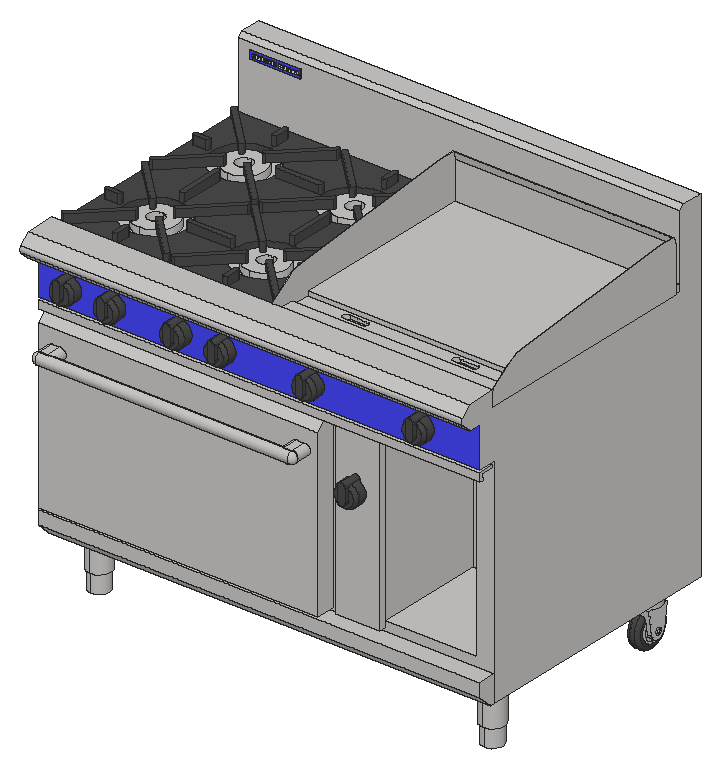
Revit family "QF_MOFFAT_BLUESEAL_CE_G58B", category Specialty Equipment, Revit 2012 (continued)
Automatic sketch dimensions
  plane 17 to curve 87 = 3.815 mm
  plane 17 to curve 77 = 3.815 mm
  Extrusion 1 sketch curve to plane 22 = 0 mm
  Extrusion 1 sketch curve to plane 21 = 0 mm
  Extrusion 1 sketch curve to plane 1 "BACK" = 0 mm
  plane 22 to Extrusion 1 sketch curve = 2.93 mm
  plane 22 to Extrusion 1 sketch curve = 8.071 mm
  plane 22 to Extrusion 1 sketch curve = 35.224 mm
  Extrusion 1 sketch curve to Extrusion 1 sketch curve = 2.389 mm
  plane 22 to Extrusion 1 sketch curve = 44 mm  (x2)
  Extrusion 1 sketch curve to Extrusion 1 sketch curve = 8.776 mm
  Extrusion 1 sketch curve to plane 5 "FRONT" = 28.03 mm
  Extrusion 1 sketch curve to plane 5 "FRONT" = 27.03 mm
  Extrusion 1 sketch curve to plane 5 "FRONT" = 11.991 mm
  Extrusion 1 sketch curve to plane 5 "FRONT" = 3.51 mm  (x2)
  Extrusion 1 sketch curve to plane 22 = 1.8 mm
  Extrusion 1 sketch curve to Extrusion 1 sketch curve = 4.2 mm
  Extrusion 1 sketch curve to plane 21 = 12.5 mm
  Extrusion 1 sketch curve to plane 17 = 38 mm
  Extrusion 1 sketch curve to Extrusion 1 sketch curve = 12.5 mm
  Extrusion 1 sketch curve to Extrusion 1 sketch curve = 41.48 mm
  Extrusion 1 sketch curve to Extrusion 1 sketch curve = 23.52 mm
  plane 18 to Extrusion 1 sketch curve = 85 mm
  Extrusion 1 sketch curve to Extrusion 1 sketch curve = 5.997 mm
  Extrusion 1 sketch curve to Extrusion 1 sketch curve = 7.004 mm
  Extrusion 1 sketch curve to Extrusion 1 sketch curve = 16.999 mm
  level to Extrusion 1 sketch curve = 222.5 mm
  Extrusion 1 sketch curve to Extrusion 1 sketch curve = 36.5 mm
  Extrusion 1 sketch curve to Extrusion 1 sketch curve = 35.929 mm
  level to Extrusion 1 sketch curve = 150 mm
  Extrusion 1 sketch curve to Extrusion 1 sketch curve = 8.48 mm
  plane 22 to Extrusion 2 sketch curve = 44 mm
  plane 22 to Extrusion 2 sketch curve = 20 mm
  Extrusion 2 sketch curve to plane 22 = 6 mm
  level to Extrusion 2 sketch curve = 227.5 mm
  plane 18 to Extrusion 2 sketch curve = 21 mm
  plane 18 to Extrusion 2 sketch curve = 45 mm
  plane 22 to Extrusion 3 sketch curve = 9 mm
  Extrusion 3 sketch curve to plane 22 = 6 mm
  level to Extrusion 3 sketch curve = 227.5 mm
  plane 18 to Extrusion 3 sketch curve = 45 mm
  Revolve 4 sketch curve to level = 0 mm
  Revolve 4 sketch curve to plane 22 = 48.25 mm
  Revolve 4 sketch curve to Revolve 4 sketch curve = 4.25 mm
  Revolve 4 sketch curve to Revolve 4 sketch curve = 27.5 mm  (x2)
  level to Revolve 4 sketch curve = 50 mm
  Revolve 4 sketch curve to Revolve 4 sketch curve = 0 mm
  Revolve 4 sketch curve to Revolve 4 sketch curve = 100 mm
  Revolve 4 sketch curve to Revolve 4 sketch curve = 55 mm
  Revolve 5 sketch curve to level = 0 mm
  Revolve 5 sketch curve to plane 22 = 48.25 mm
  Revolve 5 sketch curve to Revolve 5 sketch curve = 4.25 mm
  Revolve 5 sketch curve to Revolve 5 sketch curve = 27.5 mm  (x2)
  Revolve 5 sketch curve to level = 55 mm
  Revolve 5 sketch curve to Revolve 5 sketch curve = 50 mm
  Revolve 5 sketch curve to Revolve 5 sketch curve = 0 mm
  Revolve 5 sketch curve to Revolve 5 sketch curve = 100 mm
  Extrusion 6 sketch curve to plane 17 = 0 mm
  plane 18 to Extrusion 7 sketch curve = 21 mm
  level to Extrusion 7 sketch curve = 246 mm
  plane 16 to Extrusion 7 sketch curve = 15.5 mm
  Extrusion 8 sketch curve to plane 7 "Center Y" = 0 mm
  plane 22 to Extrusion 8 sketch curve = 0 mm
  Extrusion 8 sketch curve to plane 22 = 3 mm  (x2)
  plane 10 to Extrusion 8 sketch curve = 36.504 mm  (x2)
  plane 12 to Extrusion 8 sketch curve = 67.472 mm  (x2)
  Extrusion 8 sketch curve to plane 17 = 42 mm  (x2)
  plane 3 "LEFT" to Extrusion 8 sketch curve = 4 mm
  plane 14 to Extrusion 8 sketch curve = 76 mm  (x2)
  Extrusion 8 sketch curve to plane 7 "Center Y" = 150 mm  (x2)
  Extrusion 9 sketch curve to plane 17 = 61.602 mm  (x3)
  plane 9 to Extrusion 9 sketch curve = 4.847 mm  (x4)
  Extrusion 9 sketch curve to Extrusion 9 sketch curve = 0 mm  (x8)
  Extrusion 9 sketch curve to plane 7 "Center Y" = 15.153 mm  (x3)
  plane 3 "LEFT" to Extrusion 9 sketch curve = 15.153 mm
  Extrusion 9 sketch curve to Extrusion 9 sketch curve = 4.525 mm  (x24)
  Extrusion 9 sketch curve to plane 17 = 67.398 mm  (x2)
  Extrusion 9 sketch curve to Extrusion 9 sketch curve = 36.204 mm  (x2)
  Extrusion 9 sketch curve to Extrusion 9 sketch curve = 65.923 mm  (x2)
  plane 3 "LEFT" to Extrusion 9 sketch curve = 16.591 mm  (x2)
  plane 12 to Extrusion 9 sketch curve = 74.863 mm
  Extrusion 9 sketch curve to plane 7 "Center Y" = 7.896 mm  (x2)
  plane 12 to Extrusion 9 sketch curve = 73.872 mm
  Extrusion 9 sketch curve to Extrusion 9 sketch curve = 20.524 mm  (x5)
  Extrusion 9 sketch curve to Extrusion 9 sketch curve = 6.4 mm  (x12)
  plane 12 to Extrusion 9 sketch curve = 40.548 mm  (x4)
  Extrusion 9 sketch curve to plane 12 = 24.426 mm  (x2)
  Extrusion 9 sketch curve to plane 13 = 7.374 mm  (x4)
  plane 8 "Center X" to Extrusion 9 sketch curve = 8.898 mm  (x4)
  plane 8 "Center X" to Extrusion 9 sketch curve = 4.372 mm  (x4)
  Extrusion 9 sketch curve to plane 8 "Center X" = 43.102 mm  (x2)
  Extrusion 9 sketch curve to Extrusion 9 sketch curve = 55.923 mm  (x4)
  plane 10 to Extrusion 9 sketch curve = 43.646 mm
  plane 10 to Extrusion 9 sketch curve = 43.172 mm  (x2)
  plane 10 to Extrusion 9 sketch curve = 9.848 mm  (x4)
  plane 10 to Extrusion 9 sketch curve = 5.323 mm  (x4)
  Extrusion 9 sketch curve to plane 10 = 65.126 mm  (x2)
  Extrusion 9 sketch curve to plane 22 = 32.653 mm  (x3)
  plane 3 "LEFT" to Extrusion 9 sketch curve = 6.102 mm  (x3)
  Extrusion 9 sketch curve to plane 7 "Center Y" = 6.102 mm
  Extrusion 9 sketch curve to plane 22 = 29.398 mm  (x2)
  Extrusion 9 sketch curve to plane 11 = 9.416 mm  (x2)
  plane 14 to Extrusion 9 sketch curve = 40.025 mm  (x4)
  plane 14 to Extrusion 9 sketch curve = 69.6 mm  (x2)
  Extrusion 9 sketch curve to Extrusion 9 sketch curve = 53.847 mm  (x8)
  Extrusion 9 sketch curve to plane 9 = 38.102 mm  (x2)
  Extrusion 9 sketch curve to Extrusion 9 sketch curve = 12.205 mm  (x4)
  plane 9 to Extrusion 9 sketch curve = 78.102 mm  (x2)
  Extrusion 9 sketch curve to Extrusion 9 sketch curve = 49.974 mm  (x2)
  Revolve 10 sketch curve to plane 5 "FRONT" = 19 mm
  Revolve 10 sketch curve to Revolve 10 sketch curve = 0 mm  (x2)
  Revolve 10 sketch curve to Revolve 10 sketch curve = 11 mm
  Revolve 10 sketch curve to Revolve 10 sketch curve = 12.7 mm
  Revolve 10 sketch curve to Revolve 10 sketch curve = 23 mm
  Revolve 10 sketch curve to Revolve 10 sketch curve = 10 mm
  plane 18 to Revolve 10 sketch curve = 141.882 mm
  Revolve 10 sketch curve to Revolve 10 sketch curve = 5 mm
  Revolve 10 sketch curve to Revolve 10 sketch curve = 26.651 mm
  Revolve 10 sketch curve to Revolve 10 sketch curve = 5.849 mm
  Revolve 11 sketch curve to plane 5 "FRONT" = 19 mm
  Revolve 11 sketch curve to Revolve 11 sketch curve = 0 mm  (x2)
  Revolve 11 sketch curve to Revolve 11 sketch curve = 11 mm
  Revolve 11 sketch curve to Revolve 11 sketch curve = 12.7 mm
  Revolve 11 sketch curve to Revolve 11 sketch curve = 23 mm
  Revolve 11 sketch curve to Revolve 11 sketch curve = 10 mm
  Revolve 11 sketch curve to plane 6 "TOP" = 140.618 mm
  Revolve 11 sketch curve to Revolve 11 sketch curve = 5.849 mm
  Revolve 11 sketch curve to Revolve 11 sketch curve = 27.5 mm
  Revolve 11 sketch curve to Revolve 11 sketch curve = 5 mm
  Revolve 12 sketch curve to plane 5 "FRONT" = 19 mm
  Revolve 12 sketch curve to Revolve 12 sketch curve = 0 mm  (x2)
  Revolve 12 sketch curve to Revolve 12 sketch curve = 11 mm
  Revolve 12 sketch curve to Revolve 12 sketch curve = 12.7 mm
  Revolve 12 sketch curve to Revolve 12 sketch curve = 23 mm
  Revolve 12 sketch curve to Revolve 12 sketch curve = 10 mm
  Revolve 12 sketch curve to plane 6 "TOP" = 140.618 mm
  Revolve 12 sketch curve to Revolve 12 sketch curve = 5.849 mm
  Revolve 12 sketch curve to Revolve 12 sketch curve = 27.5 mm
  Revolve 12 sketch curve to Revolve 12 sketch curve = 5 mm
  Revolve 13 sketch curve to plane 5 "FRONT" = 19 mm
  Revolve 13 sketch curve to Revolve 13 sketch curve = 0 mm  (x2)
  Revolve 13 sketch curve to Revolve 13 sketch curve = 11 mm
  Revolve 13 sketch curve to Revolve 13 sketch curve = 12.7 mm
  Revolve 13 sketch curve to Revolve 13 sketch curve = 23 mm
  Revolve 13 sketch curve to Revolve 13 sketch curve = 10 mm
  Revolve 13 sketch curve to plane 6 "TOP" = 140.618 mm
  Revolve 13 sketch curve to Revolve 13 sketch curve = 5.849 mm
  Revolve 13 sketch curve to Revolve 13 sketch curve = 27.5 mm
  Revolve 13 sketch curve to Revolve 13 sketch curve = 5 mm
  Revolve 14 sketch curve to plane 5 "FRONT" = 19 mm
  Revolve 14 sketch curve to Revolve 14 sketch curve = 0 mm  (x2)
  Revolve 14 sketch curve to Revolve 14 sketch curve = 11 mm
  Revolve 14 sketch curve to Revolve 14 sketch curve = 12.7 mm
  Revolve 14 sketch curve to Revolve 14 sketch curve = 23 mm
  Revolve 14 sketch curve to Revolve 14 sketch curve = 10 mm
  Revolve 14 sketch curve to plane 6 "TOP" = 140.618 mm
  Revolve 14 sketch curve to Revolve 14 sketch curve = 5.849 mm
  Revolve 14 sketch curve to Revolve 14 sketch curve = 27.5 mm
  Revolve 14 sketch curve to Revolve 14 sketch curve = 5 mm
  plane 14 to Extrusion 15 sketch curve = 26.156 mm
  Extrusion 15 sketch curve to Extrusion 15 sketch curve = 10 mm
  Extrusion 15 sketch curve to plane 6 "TOP" = 146.118 mm
  Extrusion 15 sketch curve to Extrusion 15 sketch curve = 35 mm
  Extrusion 16 sketch curve to plane 9 = 59.844 mm
  Extrusion 16 sketch curve to Extrusion 16 sketch curve = 10 mm
  Extrusion 16 sketch curve to plane 6 "TOP" = 146.118 mm
  Extrusion 16 sketch curve to Extrusion 16 sketch curve = 35 mm
  plane 9 to Extrusion 17 sketch curve = 120.132 mm
  Extrusion 17 sketch curve to Extrusion 17 sketch curve = 10 mm
  Extrusion 17 sketch curve to plane 6 "TOP" = 146.118 mm
  Extrusion 17 sketch curve to Extrusion 17 sketch curve = 35 mm
  Extrusion 18 sketch curve to plane 7 "Center Y" = 79.868 mm
  Extrusion 18 sketch curve to Extrusion 18 sketch curve = 10 mm
  Extrusion 18 sketch curve to plane 6 "TOP" = 146.118 mm
  Extrusion 18 sketch curve to Extrusion 18 sketch curve = 35 mm
  Extrusion 19 sketch curve to plane 6 "TOP" = 146.118 mm
  Extrusion 19 sketch curve to Extrusion 19 sketch curve = 35 mm
  plane 22 to Revolve 20 sketch curve = 53 mm
  Revolve 20 sketch curve to Revolve 20 sketch curve = 0 mm  (x2)
  Revolve 20 sketch curve to Revolve 20 sketch curve = 11 mm
  Revolve 20 sketch curve to Revolve 20 sketch curve = 12.7 mm
  plane 22 to Revolve 20 sketch curve = 19 mm
  plane 22 to Revolve 20 sketch curve = 9 mm
  Revolve 20 sketch curve to plane 18 = 104.368 mm
  Revolve 20 sketch curve to Revolve 20 sketch curve = 5 mm
  Revolve 20 sketch curve to Revolve 20 sketch curve = 26.651 mm
  Revolve 20 sketch curve to Revolve 20 sketch curve = 5.849 mm
  Extrusion 21 sketch curve to Extrusion 21 sketch curve = 10 mm
  Extrusion 21 sketch curve to plane 18 = 112.368 mm
  Extrusion 21 sketch curve to Extrusion 21 sketch curve = 35 mm
  Extrusion 22 sketch curve to Extrusion 2 = 0 mm  (x2)
  Extrusion 22 sketch curve to Extrusion 22 sketch curve = 469.847 mm
  Extrusion 23 sketch curve to plane 16 = 0.512 mm
  Extrusion 23 sketch curve to plane 17 = 6.76 mm
  Extrusion 23 sketch curve to plane 1 "BACK" = 30.24 mm
  Extrusion 23 sketch curve to plane 17 = 55.26 mm
  Extrusion 24 sketch curve to plane 11 = 1.472 mm
  Extrusion 24 sketch curve to plane 18 = 46.875 mm  (x2)
  Extrusion 24 sketch curve to Extrusion 24 sketch curve = 15 mm  (x2)
  Extrusion 24 sketch curve to Extrusion 24 sketch curve = 20.282 mm  (x2)
  Revolve 25 sketch curve to plane 3 "LEFT" = 6.961 mm
  plane 3 "LEFT" to Revolve 25 sketch curve = 23.246 mm
  Revolve 25 sketch curve to plane 18 = 16.875 mm
  Revolve 25 sketch curve to Revolve 25 sketch curve = 15 mm
  Revolve 25 sketch curve to plane 7 "Center Y" = 11.961 mm
  Revolve 25 sketch curve to Revolve 25 sketch curve = 0 mm
  Extrusion 26 sketch curve to Extrusion 26 sketch curve = 0 mm  (x8)
  plane 12 to Extrusion 26 sketch curve = 67.472 mm  (x2)
  plane 10 to Extrusion 26 sketch curve = 36.772 mm  (x2)
  plane 14 to Extrusion 26 sketch curve = 76 mm  (x2)
  Extrusion 26 sketch curve to plane 7 "Center Y" = 150 mm  (x2)
  Split face 1 sketch curve to cut or joined group of Extrusion 1, Extrusion 7, Extrusion 23 = 27.315 mm
  Split face 1 sketch curve to cut or joined group of Extrusion 1, Extrusion 7, Extrusion 23 = 273.455 mm
  Split face 1 sketch curve to cut or joined group of Extrusion 1, Extrusion 7, Extrusion 23 = 23.185 mm
  Split face 1 sketch curve to Split face 1 sketch curve = 4.041 mm  (x4)
  Split face 1 sketch curve to Split face 1 sketch curve = 8.66 mm  (x2)
  Split face 1 sketch curve to cut or joined group of Extrusion 1, Extrusion 7, Extrusion 23 = 22.315 mm
  Split face 1 sketch curve to cut or joined group of Extrusion 1, Extrusion 7, Extrusion 23 = 36.836 mm
  Split face 1 sketch curve to Split face 1 sketch curve = 17 mm
  Split face 1 sketch curve to Split face 1 sketch curve = 7 mm  (x2)
  Split face 2 sketch curve to cut or joined group of Extrusion 1, Extrusion 7, Extrusion 23 = 27.315 mm
  Split face 2 sketch curve to cut or joined group of Extrusion 1, Extrusion 7, Extrusion 23 = 573.455 mm
  Split face 2 sketch curve to cut or joined group of Extrusion 1, Extrusion 7, Extrusion 23 = 23.185 mm
  Split face 2 sketch curve to Split face 2 sketch curve = 4.041 mm  (x4)
  Split face 2 sketch curve to Split face 2 sketch curve = 8.66 mm  (x2)
  Split face 2 sketch curve to cut or joined group of Extrusion 1, Extrusion 7, Extrusion 23 = 22.315 mm
  Split face 2 sketch curve to Split face 2 sketch curve = 223.917 mm
  Split face 2 sketch curve to cut or joined group of Extrusion 1, Extrusion 7, Extrusion 23 = 17.315 mm
  Split face 2 sketch curve to Split face 2 sketch curve = 17 mm
  Split face 2 sketch curve to Split face 2 sketch curve = 7 mm
  Split face 3 sketch curve to cut or joined group of Extrusion 1, Extrusion 7, Extrusion 23 = 27.315 mm
  Split face 3 sketch curve to cut or joined group of Extrusion 1, Extrusion 7, Extrusion 23 = 326.545 mm
  Split face 3 sketch curve to cut or joined group of Extrusion 1, Extrusion 7, Extrusion 23 = 23.185 mm
  Split face 3 sketch curve to Split face 3 sketch curve = 4.041 mm  (x4)
  Split face 3 sketch curve to Split face 3 sketch curve = 8.66 mm  (x2)
  Split face 3 sketch curve to cut or joined group of Extrusion 1, Extrusion 7, Extrusion 23 = 22.315 mm
  Split face 3 sketch curve to Split face 3 sketch curve = 223.917 mm
  Split face 3 sketch curve to cut or joined group of Extrusion 1, Extrusion 7, Extrusion 23 = 17.315 mm
  Split face 3 sketch curve to Split face 3 sketch curve = 17 mm
  Split face 3 sketch curve to Split face 3 sketch curve = 7 mm
  Split face 4 sketch curve to cut or joined group of Extrusion 1, Extrusion 7, Extrusion 23 = 26.545 mm
  Split face 4 sketch curve to Split face 4 sketch curve = 4.041 mm  (x4)
  Split face 4 sketch curve to Split face 4 sketch curve = 8.66 mm  (x2)
  Split face 4 sketch curve to cut or joined group of Extrusion 1, Extrusion 7, Extrusion 23 = 22.315 mm
  Split face 4 sketch curve to Split face 4 sketch curve = 223.917 mm
  Split face 4 sketch curve to cut or joined group of Extrusion 1, Extrusion 7, Extrusion 23 = 17.315 mm
  Split face 4 sketch curve to Split face 4 sketch curve = 10 mm
  Split face 4 sketch curve to Split face 4 sketch curve = 7 mm  (x3)
  Extrusion 28 sketch curve to plane 17 = 99.75 mm
  Extrusion 28 sketch curve to Extrusion 28 sketch curve = 12.357 mm
  Extrusion 28 sketch curve to Extrusion 28 sketch curve = 19.393 mm  (x2)
  level to Extrusion 28 sketch curve = 45.111 mm
  Extrusion 28 sketch curve to plane 17 = 36.25 mm
  Extrusion 28 sketch curve to Extrusion 28 sketch curve = 4.889 mm
  Extrusion 28 sketch curve to Extrusion 28 sketch curve = 64.889 mm
  Revolve 29 sketch curve to plane 17 = 103.75 mm
  Revolve 29 sketch curve to plane 17 = 68 mm
  Revolve 29 sketch curve to Revolve 29 sketch curve = 35.75 mm
  Revolve 29 sketch curve to level = 55 mm
  level to Revolve 29 sketch curve = 50 mm
  Revolve 29 sketch curve to Revolve 29 sketch curve = 60 mm
  Revolve 29 sketch curve to Revolve 29 sketch curve = 40 mm
  Revolve 30 sketch curve to plane 17 = 103.75 mm
  Revolve 30 sketch curve to plane 17 = 68 mm
  Revolve 30 sketch curve to Revolve 30 sketch curve = 35.75 mm
  level to Revolve 30 sketch curve = 150 mm
  Revolve 30 sketch curve to Revolve 30 sketch curve = 40 mm
  level to Revolve 30 sketch curve = 50 mm
  Revolve 30 sketch curve to level = 55 mm
  Revolve 31 sketch curve to plane 16 = 34.382 mm
  Revolve 31 sketch curve to Revolve 31 sketch curve = 1.27 mm  (x4)
  Revolve 31 sketch curve to Revolve 31 sketch curve = 1.524 mm  (x2)
  Revolve 31 sketch curve to Revolve 31 sketch curve = 12.146 mm  (x2)
  Revolve 31 sketch curve to plane 16 = 16.68 mm
  Revolve 31 sketch curve to Revolve 31 sketch curve = 0.794 mm  (x2)
  Revolve 31 sketch curve to Revolve 31 sketch curve = 3.57 mm
  Revolve 31 sketch curve to Revolve 31 sketch curve = 2.143 mm
  Revolve 31 sketch curve to plane 16 = 6.361 mm
  plane 16 to Revolve 31 sketch curve = 5.13 mm
  plane 16 to Revolve 31 sketch curve = 6.339 mm
  plane 16 to Revolve 31 sketch curve = 14.515 mm
  Revolve 31 sketch curve to Revolve 31 sketch curve = 1.349 mm  (x2)
  Revolve 31 sketch curve to Revolve 31 sketch curve = 3.556 mm
  Revolve 31 sketch curve to plane 4 "RIGHT" = 2.18 mm
  level to Revolve 31 sketch curve = 50.8 mm
  Revolve 31 sketch curve to Revolve 31 sketch curve = 0 mm
  Revolve 31 sketch curve to Revolve 31 sketch curve = 3.505 mm  (x2)
  Revolve 31 sketch curve to Revolve 31 sketch curve = 3.447 mm  (x2)
  Revolve 31 sketch curve to Revolve 31 sketch curve = 9.964 mm
  Revolve 31 sketch curve to Revolve 31 sketch curve = 10.045 mm
  Revolve 31 sketch curve to Revolve 31 sketch curve = 2.053 mm
  Revolve 31 sketch curve to Revolve 31 sketch curve = 2.061 mm
  Revolve 31 sketch curve to Revolve 31 sketch curve = 8.247 mm
  Revolve 31 sketch curve to Revolve 31 sketch curve = 8.336 mm
  Revolve 31 sketch curve to Revolve 31 sketch curve = 6.35 mm  (x2)
  Extrusion 32 sketch curve to plane 17 = 99.75 mm
  Extrusion 32 sketch curve to Extrusion 32 sketch curve = 12.357 mm
  Extrusion 32 sketch curve to Extrusion 32 sketch curve = 19.393 mm  (x2)
  level to Extrusion 32 sketch curve = 45.111 mm
  Extrusion 32 sketch curve to plane 17 = 36.25 mm
  Extrusion 32 sketch curve to Extrusion 32 sketch curve = 4.889 mm
  Extrusion 32 sketch curve to Extrusion 32 sketch curve = 64.889 mm
  Revolve 33 sketch curve to level = 0 mm
  Revolve 33 sketch curve to plane 17 = 99.75 mm
  Revolve 33 sketch curve to Revolve 33 sketch curve = 4.25 mm
  Revolve 33 sketch curve to Revolve 33 sketch curve = 27.5 mm  (x2)
  Revolve 33 sketch curve to level = 55 mm
  Revolve 33 sketch curve to Revolve 33 sketch curve = 50 mm
  Revolve 33 sketch curve to Revolve 33 sketch curve = 0 mm
  Revolve 33 sketch curve to Revolve 33 sketch curve = 100 mm
  Revolve 34 sketch curve to level = 0 mm
  Revolve 34 sketch curve to plane 17 = 99.75 mm
  Revolve 34 sketch curve to Revolve 34 sketch curve = 4.25 mm
  Revolve 34 sketch curve to Revolve 34 sketch curve = 27.5 mm  (x2)
  level to Revolve 34 sketch curve = 50 mm
  Revolve 34 sketch curve to Revolve 34 sketch curve = 0 mm
  Revolve 34 sketch curve to Revolve 34 sketch curve = 100 mm
  Revolve 34 sketch curve to Revolve 34 sketch curve = 55 mm
  plane 14 to Revolve 35 sketch curve = 25.382 mm
  Revolve 35 sketch curve to Revolve 35 sketch curve = 1.27 mm  (x4)
  Revolve 35 sketch curve to Revolve 35 sketch curve = 1.524 mm  (x2)
  plane 14 to Revolve 35 sketch curve = 10.442 mm
  plane 14 to Revolve 35 sketch curve = 7.68 mm
  Revolve 35 sketch curve to Revolve 35 sketch curve = 0.794 mm  (x2)
  Revolve 35 sketch curve to Revolve 35 sketch curve = 3.57 mm
  Revolve 35 sketch curve to Revolve 35 sketch curve = 2.143 mm
  Revolve 35 sketch curve to plane 14 = 2.639 mm
  Revolve 35 sketch curve to plane 11 = 0.13 mm
  Revolve 35 sketch curve to plane 11 = 1.339 mm
  Revolve 35 sketch curve to plane 11 = 9.515 mm
  Revolve 35 sketch curve to Revolve 35 sketch curve = 1.349 mm  (x2)
  Revolve 35 sketch curve to Revolve 35 sketch curve = 3.556 mm
  Revolve 35 sketch curve to Revolve 35 sketch curve = 12.146 mm
  Revolve 35 sketch curve to plane 3 "LEFT" = 2.68 mm
  level to Revolve 35 sketch curve = 101.6 mm
  Revolve 35 sketch curve to Revolve 35 sketch curve = 6.35 mm  (x4)
  Revolve 35 sketch curve to Revolve 35 sketch curve = 8.247 mm
  Revolve 35 sketch curve to Revolve 35 sketch curve = 8.336 mm
  Revolve 35 sketch curve to Revolve 35 sketch curve = 2.061 mm
  Revolve 35 sketch curve to Revolve 35 sketch curve = 2.053 mm
  Revolve 35 sketch curve to Revolve 35 sketch curve = 10.045 mm
  Revolve 35 sketch curve to Revolve 35 sketch curve = 9.964 mm
  Revolve 35 sketch curve to Revolve 35 sketch curve = 3.447 mm  (x2)
  Revolve 35 sketch curve to Revolve 35 sketch curve = 3.505 mm
  Revolve 36 sketch curve to plane 5 "FRONT" = 19 mm
  Revolve 36 sketch curve to Revolve 36 sketch curve = 0 mm  (x2)
  Revolve 36 sketch curve to Revolve 36 sketch curve = 11 mm
  Revolve 36 sketch curve to Revolve 36 sketch curve = 12.7 mm
  Revolve 36 sketch curve to Revolve 36 sketch curve = 23 mm
  Revolve 36 sketch curve to Revolve 36 sketch curve = 10 mm
  plane 18 to Revolve 36 sketch curve = 141.882 mm
  Revolve 36 sketch curve to Revolve 36 sketch curve = 5 mm
  Revolve 36 sketch curve to Revolve 36 sketch curve = 26.651 mm
  Revolve 36 sketch curve to Revolve 36 sketch curve = 5.849 mm
  Extrusion 37 sketch curve to plane 6 "TOP" = 146.118 mm
  Extrusion 37 sketch curve to Extrusion 37 sketch curve = 35 mm
  Extrusion 6 sketch curve to plane 16 = 64.5 mm
  Extrusion 23 sketch curve to Extrusion 23 sketch curve = 81 mm
  Extrusion 23 sketch curve to Extrusion 23 sketch curve = 48.5 mm
  Extrusion 37 sketch curve to plane 16 = 75.106 mm
  Extrusion 37 sketch curve to Extrusion 37 sketch curve = 10 mm
  plane 7 "Center Y" to curve 10 = 118.108 mm
  curve 10 to curve 11 = 25.191 mm
  curve 11 to curve 49 = 16.7 mm
  curve 83 to curve 79 = 223.917 mm
  Extrusion 7 sketch curve to plane 16 = 234.5 mm
  plane 7 "Center Y" to Extrusion 19 sketch curve = 159.62 mm
  Extrusion 19 sketch curve to Extrusion 19 sketch curve = 10 mm
  plane 7 "Center Y" to Extrusion 21 sketch curve = 227.344 mm
  plane 7 "Center Y" to Extrusion 24 sketch curve = 102.757 mm
  plane 7 "Center Y" to Revolve 25 sketch curve = 123.039 mm
  radius of Extrusion 6 sketch curve = 10 mm
  radius of Extrusion 8 sketch curve = 85 mm  (x4)
  radius of Extrusion 26 sketch curve = 57 mm  (x4)
  radius of Extrusion 26 sketch curve = 22 mm  (x4)
  radius of Extrusion 27 sketch curve = 6.35 mm
Nested families
  nested 1: "WALDORF LOGO_FACE BASE" at (32, -70, 1056.385) x (1, 0, 0) z (0, -1, 0), visible <- "Show Logo", type "WALDORF LOGO_FACE BASE", detail levels medium+fine
    with Show Logo yes
  nested 2: "GAS GRIDDLE PLATE 600" at (600, -85, 874.5), type "GAS GRIDDLE PLATE 600"
    with Width 600 mm, Type Mark "", Status "", Specification by User "", Revision Code "", Item Number "", Installed By "", Identify Quantity as Lot yes, Furnished By "", Foodservice Equipment Identifier yes, Depth 620 mm
Connectors
  piping at (1070, -32, 655)
    settings: on Extrusion 6, index 4, connector radius 0.37402", flow factor 0, pipe flow 0 GPM, pressure drop 0.00 psi, fitting loss kfactor 0, connector angle 0.00°, fixture units 0, engagement length 0 mm, flow configuration 1, flow direction 1, fitting loss method 0, system type 7, joint type 0, gender type 0, connector reference index -1, connector utility 0, adjustable connector no, is connector primary yes, fitting loss table "", connector description "GAS CONNECTION"
  electrical at (826, -501, 148.072), driven by "Volts", driven by "Watts"
    settings: on Extrusion 27, index 5, voltage 230 V, apparent load 130 VA, apparent load phase1 0 VA, apparent load phase2 0 VA, apparent load phase3 0 VA, power factor 1, load classification "Other", number of poles 1, system type 30, power factor state 1, is connector primary yes, connector utility no, sub classification motor no, connector description "ELECTRICAL CONNECTION"
Definition of nested family "WALDORF LOGO_FACE BASE"
  Parameters (values of type "WALDORF LOGO_FACE BASE")
    Show Logo [instance] = yes
    Default Elevation = 1219.2 mm
  Reference planes
    plane 1 "Center (Front/Back)": y = 0
    plane 2: z = 0
    plane 3 "Center (Left/Right)": x = 0
  Forms (mm)
    Extrusion 1, solid
      sketch origin (0, 0, 0) x (1, 0, 0) y (0, 1, 0)
        loop
          line (-1219.2, 1219.2) -> (-1219.2, -1219.2) -> (1219.2, -1219.2) -> (1219.2, 1219.2) -> (-1219.2, 1219.2)
      from 0 to -304.8
    Extrusion 2, solid, material "QF_Finishes_Blue", visible <- "Show Logo"
      sketch origin (0, -33.217, 0) x (1, 0, 0) y (0, 1, 0)
        loop
          arc (138, 31.942) -> (137.626, 32.844) -> (136.724, 33.217) r 1.276
          line (136.724, 33.217) -> (1.29, 33.217)
          arc (1.29, 33.217) -> (0.378, 32.839) -> (0, 31.927) r 1.29
          line (0, 31.927) -> (0, 11.507)
          arc (0, 11.507) -> (0.378, 10.595) -> (1.29, 10.217) r 1.29
          line (1.29, 10.217) -> (136.71, 10.217)
          arc (136.71, 10.217) -> (137.622, 10.595) -> (138, 11.507) r 1.29
          line (138, 11.507) -> (138, 31.942)
      from 0 to 1.588
    Extrusion 3, solid, material "QF_Finishes_White", visible <- "Show Logo"
      sketch origin (0, -33.217, 1.588) x (1, 0, 0) y (0, 1, 0)
        loop
          arc (108.946, 25.919) -> (107.613, 25.367) -> (107.061, 24.034) r 1.885
          line (107.061, 24.034) -> (107.061, 17.211) -> (112.704, 17.211) -> (112.704, 19.129) -> (115.546, 19.129) -> (115.546, 17.211) -> (121.584, 17.211) -> (121.584, 24.075)
          arc (121.584, 24.075) -> (121.043, 25.379) -> (119.739, 25.919) r 1.845
          line (119.739, 25.919) -> (108.946, 25.919)
        loop
          line (123.478, 25.919) -> (123.478, 17.163) -> (134.904, 17.163) -> (134.904, 19.129) -> (129.246, 19.129) -> (129.246, 25.919) -> (123.478, 25.919)
        loop
          line (112.704, 21.258) -> (115.546, 21.258) -> (115.546, 22.702)
          arc (115.546, 22.702) -> (115.344, 23.188) -> (114.858, 23.389) r 0.687
          line (114.858, 23.389) -> (113.363, 23.389)
          arc (113.363, 23.389) -> (112.897, 23.196) -> (112.704, 22.73) r 0.658
          line (112.704, 22.73) -> (112.704, 21.258)
        loop
          line (105.071, 25.919) -> (93.771, 25.919) -> (93.771, 17.163) -> (105.071, 17.163) -> (105.071, 19.063) -> (99.535, 19.063) -> (99.535, 20.437) -> (105.071, 20.437) -> (105.071, 22.278) -> (99.535, 22.278) -> (99.535, 23.587) -> (105.071, 23.587) -> (105.071, 25.919)
        loop
          line (91.104, 25.919) -> (79.541, 25.919)
          arc (79.541, 25.919) -> (78.558, 25.513) -> (78.152, 24.53) r 1.389
          line (78.152, 24.53) -> (78.152, 22.08)
          arc (78.152, 22.08) -> (78.558, 21.098) -> (79.541, 20.691) r 1.389
          line (79.541, 20.691) -> (86.346, 20.691) -> (86.346, 18.864) -> (83.266, 18.864) -> (83.266, 19.664) -> (78.152, 19.664) -> (78.152, 18.553)
          arc (78.152, 18.553) -> (78.558, 17.57) -> (79.541, 17.163) r 1.389
          line (79.541, 17.163) -> (91.063, 17.163)
          arc (91.063, 17.163) -> (92.045, 17.57) -> (92.452, 18.553) r 1.389
          line (92.452, 18.553) -> (92.452, 20.691)
          arc (92.452, 20.691) -> (92.045, 21.673) -> (91.063, 22.08) r 1.389
          line (91.063, 22.08) -> (83.266, 22.08) -> (83.266, 23.984) -> (86.346, 23.984) -> (86.346, 22.743) -> (92.452, 22.743) -> (92.452, 24.571)
          arc (92.452, 24.571) -> (92.057, 25.524) -> (91.104, 25.919) r 1.348
        loop
          line (70.705, 25.919) -> (59.405, 25.919) -> (59.405, 17.163) -> (70.705, 17.163) -> (70.705, 19.063) -> (65.169, 19.063) -> (65.169, 20.437) -> (70.705, 20.437) -> (70.705, 22.278) -> (65.169, 22.278) -> (65.169, 23.587) -> (70.705, 23.587) -> (70.705, 25.919)
        loop
          line (57.598, 25.919) -> (51.7, 25.919) -> (51.7, 20.18)
          arc (51.7, 20.18) -> (50.63, 19.11) -> (49.56, 20.18) r 1.07
          line (49.56, 20.18) -> (49.56, 25.919) -> (43.663, 25.919) -> (43.663, 19.049)
          arc (43.663, 19.049) -> (44.215, 17.716) -> (45.548, 17.163) r 1.885
          line (45.548, 17.163) -> (55.71, 17.163)
          arc (55.71, 17.163) -> (57.045, 17.716) -> (57.598, 19.051) r 1.887
          line (57.598, 19.051) -> (57.598, 25.919)
        loop
          line (31.62, 25.919) -> (31.62, 17.163) -> (43.046, 17.163) -> (43.046, 19.129) -> (37.388, 19.129) -> (37.388, 25.919) -> (31.62, 25.919)
        loop
          line (15.969, 25.919) -> (15.969, 17.163) -> (28.693, 17.163)
          arc (28.693, 17.163) -> (29.812, 17.627) -> (30.276, 18.746) r 1.582
          line (30.276, 18.746) -> (30.276, 20.447) -> (29.48, 21.243) -> (30.276, 22.039) -> (30.276, 24.332)
          arc (30.276, 24.332) -> (29.811, 25.454) -> (28.688, 25.919) r 1.587
          line (28.688, 25.919) -> (15.969, 25.919)
        loop
          line (21.449, 24.159) -> (21.449, 22.436) -> (23.862, 22.436)
          arc (23.862, 22.436) -> (24.723, 23.298) -> (23.862, 24.159) r 0.861
          line (23.862, 24.159) -> (21.449, 24.159)
        loop
          line (21.449, 20.244) -> (21.449, 18.522) -> (23.862, 18.522)
          arc (23.862, 18.522) -> (24.723, 19.383) -> (23.862, 20.244) r 0.861
          line (23.862, 20.244) -> (21.449, 20.244)
      from 0 to 0.2
    Extrusion 4, solid, material "QF_Finishes_Blue", visible <- "Show Logo"
      sketch origin (-126.498, -31.09, 1.588) x (1, 0, 0) y (0, 1, 0)
        loop
          line (136.738, 23.522) -> (136.738, 15.1)
          arc (136.738, 15.1) -> (140.756, 19.311) -> (136.738, 23.522) r 4.216
      from 0 to 0.2
    Extrusion 5, solid, material "QF_Finishes_Red", visible <- "Show Logo"
      sketch origin (146.849, -31.09, 1.588) x (-1, 0, 0) y (0, -1, 0)
        loop
          arc (136.738, -23.522) -> (140.756, -19.311) -> (136.738, -15.1) r 4.216
          line (136.738, -15.1) -> (136.738, -23.522)
      from 0 to 0.2
  Lines and regions (mm)
    Split face 1
      outline origin (-90.35, -30.793, 1.588) x (1, 0, 0) y (0, 1, 0)
        loop
          circle (100.54, 19.013) r 4.536
  Dimensions and locks
    aligned and locked: plane 2 to Extrusion 1
    aligned and locked: level to Extrusion 1
Definition of nested family "GAS GRIDDLE PLATE 600"
  Parameters (values of type "GAS GRIDDLE PLATE 600")
    Width [instance] = 600 mm
    Weight in Pounds = 0
    URL Cutsheet = ""
    Type Mark [instance] = ""
    Status [instance] = ""
    Specification by User [instance] = ""
    Specification by Manufacturer = ""
    Serial Number = ""
    Seismic Rating = ""
    SMACNA No = ""
    Revision Code [instance] = ""
    Omniclass Number and Title = ""
    NAFEM Spec ID Number = ""
    Masterspec = ""
    Item Number [instance] = ""
    Installed By [instance] = ""
    Identify Quantity as Lot [instance] = yes
    Furnished By [instance] = ""
    Foodservice Equipment Identifier [instance] = yes
    Depth [instance] = 620 mm
    CSI MasterFormat = ""
    CSI Master Format = ""
  Reference planes
    plane 1 "BACK": y = 0
    plane 2: z = 0
    plane 3 "LEFT": x = 0
    plane 4 "RIGHT": x = 600
    plane 5 "FRONT": y = -620
    plane 6 "TOP": z = 142.5
    plane 7 "Center Y": x = 300
    plane 8 "Center X": y = -310
    plane 9: y = -530.997
    plane 10: y = -541.497
    plane 11: y = -503.25
    plane 12: y = -557.737
  Forms (mm)
    Extrusion 1, solid, material "QF_Finishes_Stainless Steel"
      sketch origin (0, 70.003, -874.5) x (0, 1, 0) y (0, 0, 1)
        loop
          line (-70, 875) -> (-70, 997.489) -> (-75.228, 1017) -> (-117.24, 1017) -> (-589.533, 971.523)
          arc (-589.533, 971.523) -> (-614.56, 965.803) -> (-637.306, 953.899) r 100
          line (-637.306, 953.899) -> (-690.003, 917) -> (-690.003, 875) -> (-70, 875)
      from 0 to 1.8
    Extrusion 2, solid, material "QF_Finishes_Stainless Steel"
      sketch origin (600, 70.003, -874.5) x (0, -1, 0) y (0, 0, 1)
        loop
          line (70, 875) -> (690.003, 875) -> (690.003, 917) -> (637.306, 953.899)
          arc (637.306, 953.899) -> (614.56, 965.803) -> (589.533, 971.523) r 100
          line (589.533, 971.523) -> (117.24, 1017) -> (75.228, 1017) -> (70, 997.489) -> (70, 875)
      from 0 to 1.2
    Extrusion 3, solid, material "QF_Finishes_Stainless Steel"
      sketch origin (150, 70.003, -874.5) x (0, 1, 0) y (0, 0, 1)
        loop
          line (-55, 895) -> (-573.253, 895) -> (-573.253, 884.5) -> (-627.74, 884.5) -> (-627.74, 895) -> (-690.003, 895) -> (-690.003, 875) -> (-55, 875) -> (-55, 895)
      from -148.2 to 448.8
    Extrusion 4, void
      sketch origin (150, -541.497, 10) x (0, -1, 0) y (1, 0, 0)
        loop
          arc (-7.497, 25.113) -> (-17.497, 35.113) -> (-27.497, 25.113) r 10
          line (-27.497, 25.113) -> (-27.497, -24.887)
          arc (-27.497, -24.887) -> (-17.497, -34.887) -> (-7.497, -24.887) r 10
          line (-7.497, -24.887) -> (-7.497, 25.113)
        loop
          line (-7.497, 274.887) -> (-7.497, 324.887)
          arc (-7.497, 324.887) -> (-17.497, 334.887) -> (-27.497, 324.887) r 10
          line (-27.497, 324.887) -> (-27.497, 274.887)
          arc (-27.497, 274.887) -> (-17.497, 264.887) -> (-7.497, 274.887) r 10
      from -41.4 to 40.142
    Extrusion 5, solid, material "QF_Finishes_Stainless Steel"
      sketch origin (0, 70.003, -874.5) x (0, 1, 0) y (0, 0, 1)
        loop
          line (-70, 875) -> (-70, 997.489) -> (-75.228, 1017) -> (-76.884, 1017) -> (-71.6, 997.278) -> (-71.6, 875) -> (-70, 875)
      from 0 to 598.8
  Cuts and joins
    Extrusion 4 cuts Extrusion 3
    joined: Extrusion 1, Extrusion 2, Extrusion 3, Extrusion 5
  Lines and regions (mm)
    symbolic lines
      curve 1: line (600, -503.25, 0) -> (0, -503.25, 0)
      curve 2: line (0, -557.737, 0) -> (600, -557.737, 0)
      curve 3: line (0, -1.68, 0) -> (600, -1.68, 0)
      curve 4: line (600, -1.68, 0) -> (600, -620, 0)
      curve 5: line (0, -620, 0) -> (0, -1.68, 0)
      curve 6: line (0, -620, 0) -> (600, -620, 0)
      curve 7: arc (175.113, -534, 0) -> (185.113, -524, 0) -> (175.113, -514, 0) r 10
      curve 8: line (175.113, -514, 0) -> (125.113, -514, 0)
      curve 9: arc (125.113, -514, 0) -> (115.113, -524, 0) -> (125.113, -534, 0) r 10
      curve 10: line (125.113, -534, 0) -> (175.113, -534, 0)
      curve 11: arc (424.887, -534, 0) -> (414.887, -524, 0) -> (424.887, -514, 0) r 10
      curve 12: line (424.887, -514, 0) -> (474.887, -514, 0)
      curve 13: arc (474.887, -514, 0) -> (484.887, -524, 0) -> (474.887, -534, 0) r 10
      curve 14: line (474.887, -534, 0) -> (424.887, -534, 0)
  Dimensions and locks
    equal spacing: plane 3 "LEFT", plane 7 "Center Y", plane 4 "RIGHT"
    "Width": plane 3 "LEFT" to plane 4 "RIGHT"
    equal spacing: plane 5 "FRONT", plane 8 "Center X", plane 1 "BACK"
    "Depth": plane 5 "FRONT" to plane 1 "BACK"
    locked: Extrusion 2 to Extrusion 2 at 1.2
    aligned and locked: level to plane 2
    aligned and locked: Extrusion 2 to plane 4 "RIGHT"
    aligned and locked: curve 1 to plane 11
    aligned and locked: plane 12 to curve 2
    aligned and locked: Extrusion 5 to cut or joined group of Extrusion 1, Extrusion 2, Extrusion 3, Extrusion 4, Extrusion 5
  Automatic sketch dimensions
    Extrusion 1 sketch curve to plane 5 "FRONT" = 0 mm
    Extrusion 1 sketch curve to plane 6 "TOP" = 0 mm
    plane 12 to Extrusion 1 sketch curve = 9.566 mm
    plane 11 to Extrusion 1 sketch curve = 16.28 mm
    Extrusion 1 sketch curve to level = 2.516 mm
    plane 11 to Extrusion 1 sketch curve = 6.695 mm
    plane 1 "BACK" to Extrusion 1 sketch curve = 47.237 mm
    plane 1 "BACK" to Extrusion 1 sketch curve = 5.225 mm
    Extrusion 1 sketch curve to plane 1 "BACK" = 0.003 mm
    level to Extrusion 1 sketch curve = 0.5 mm
    Extrusion 1 sketch curve to Extrusion 1 sketch curve = 42 mm
    Extrusion 1 sketch curve to plane 6 "TOP" = 63.101 mm
    Extrusion 1 sketch curve to plane 6 "TOP" = 19.511 mm
    Extrusion 2 sketch curve to plane 6 "TOP" = 0 mm
    Extrusion 2 sketch curve to plane 5 "FRONT" = 0 mm
    plane 12 to Extrusion 2 sketch curve = 9.566 mm
    plane 11 to Extrusion 2 sketch curve = 16.28 mm
    Extrusion 2 sketch curve to level = 2.516 mm
    plane 11 to Extrusion 2 sketch curve = 6.695 mm
    plane 1 "BACK" to Extrusion 2 sketch curve = 47.237 mm
    plane 1 "BACK" to Extrusion 2 sketch curve = 5.225 mm
    Extrusion 2 sketch curve to plane 1 "BACK" = 0.003 mm
    level to Extrusion 2 sketch curve = 0.5 mm
    Extrusion 2 sketch curve to Extrusion 2 sketch curve = 42 mm
    Extrusion 2 sketch curve to plane 6 "TOP" = 63.101 mm
    Extrusion 2 sketch curve to plane 6 "TOP" = 19.511 mm
    Extrusion 3 sketch curve to plane 5 "FRONT" = 0 mm
    Extrusion 3 sketch curve to plane 12 = 0 mm
    Extrusion 3 sketch curve to plane 11 = 0 mm
    Extrusion 3 sketch curve to plane 1 "BACK" = 15.003 mm
    level to Extrusion 3 sketch curve = 0.5 mm
    level to Extrusion 3 sketch curve = 10 mm
    Extrusion 3 sketch curve to Extrusion 3 sketch curve = 10.5 mm  (x2)
    plane 1 "BACK" to Extrusion 5 sketch curve = 5.225 mm
    Extrusion 5 sketch curve to plane 1 "BACK" = 0.003 mm
    Extrusion 5 sketch curve to plane 6 "TOP" = 19.511 mm
    Extrusion 5 sketch curve to Extrusion 5 sketch curve = 1.6 mm
    Extrusion 5 sketch curve to Extrusion 5 sketch curve = 0.211 mm
    Extrusion 5 sketch curve to plane 6 "TOP" = 0 mm
    Extrusion 5 sketch curve to Extrusion 5 sketch curve = 1.656 mm
    level to Extrusion 5 sketch curve = 0.5 mm
    plane 11 to Extrusion 4 sketch curve = 10.75 mm  (x2)
    Extrusion 4 sketch curve to Extrusion 4 sketch curve = 10 mm  (x2)
    plane 3 "LEFT" to Extrusion 4 sketch curve = 125.113 mm
    Extrusion 4 sketch curve to Extrusion 4 sketch curve = 50 mm  (x2)
    plane 7 "Center Y" to Extrusion 4 sketch curve = 124.887 mm
    curve 6 to plane 3 "LEFT" = 0 mm
    curve 3 to plane 4 "RIGHT" = 0 mm
    plane 5 "FRONT" to curve 6 = 0 mm
    plane 11 to curve 8 = 10.75 mm
    plane 3 "LEFT" to curve 8 = 125.113 mm
    curve 10 to plane 12 = 23.737 mm
    curve 9 to curve 10 = 50 mm
    curve 11 to plane 12 = 23.737 mm
    plane 7 "Center Y" to curve 11 = 124.887 mm
    plane 11 to curve 12 = 10.75 mm
    curve 12 to curve 12 = 50 mm
    plane 1 "BACK" to curve 3 = 1.68 mm
